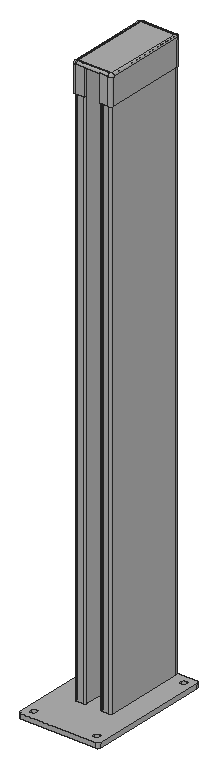
Revit family "Endestolpe bunnplate", category Balusters, Revit 2019
Family settings
  OmniClass Number = 23.30.80.11.11.14
  OmniClass Title = Posts, Newel Posts, Pickets
  Always vertical = Yes
  Cut with Voids When Loaded = No
  Shared = No
Parameters (values of type "Endestolpe bunnplate")
  built-in parameter 1008623 [instance] = (empty or 0)
  built-in parameter 1008625 [instance] = (empty or 0)
  Post = no
  Material = Stål 316
  built-in parameter 1008624 [instance] = (empty or 0)
  built-in parameter 1008622 [instance] = 750 mm
Types (2, lengths in mm): name | Material
  Endestolpe bunnplate | Stål 316
  Endestolpe bunnplate_sort | Pulverlakkert stål RAL 7021
Reference planes
  plane 1 "Center (Front/Back)": y = 0
  plane 2: z = 0
  plane 3 "Center (Left/Right)": x = 0
  plane 4 "Top": z = 750
  plane 5 "Top of Post": z = 1010
Forms (mm)
  Extrusion 1, solid, material "Stål 316" <- "Material"
    sketch origin (0, -40, 0) x (1, 0, 0) y (0, 1, 0)
      loop
        arc (-70, -105) -> (-68.536, -108.536) -> (-65, -110) r 5
        line (-65, -110) -> (65, -110)
        arc (65, -110) -> (68.536, -108.536) -> (70, -105) r 5
        line (70, -105) -> (70, 105)
        arc (70, 105) -> (68.536, 108.536) -> (65, 110) r 5
        line (65, 110) -> (28.5, 110) -> (-28.5, 110) -> (-65, 110)
        arc (-65, 110) -> (-68.536, 108.536) -> (-70, 105) r 5
        line (-70, 105) -> (-70, -105)
      loop
        circle (-55, 95) r 5
      loop
        circle (55, 95) r 5
      loop
        circle (55, -95) r 5
      loop
        circle (-55, -95) r 5
    from 0 to 8
  Extrusion 2, solid, material "Stål 316" <- "Material"
    sketch origin (0, -40, 0) x (1, 0, 0) y (0, 1, 0)
      loop
        line (-32, 106.5) -> (-32, -31.5)
        arc (-32, -31.5) -> (-30.975, -33.975) -> (-28.5, -35) r 3.5
        line (-28.5, -35) -> (-16.5, -35)
        arc (-16.5, -35) -> (-14.025, -33.975) -> (-13, -31.5) r 3.5
        line (-13, -31.5) -> (-13, 0.5)
        arc (-13, 0.5) -> (-12.561, 1.561) -> (-11.5, 2) r 1.5
        line (-11.5, 2) -> (11.5, 2)
        arc (11.5, 2) -> (12.561, 1.561) -> (13, 0.5) r 1.5
        line (13, 0.5) -> (13, -31.5)
        arc (13, -31.5) -> (14.025, -33.975) -> (16.5, -35) r 3.5
        line (16.5, -35) -> (28.5, -35)
        arc (28.5, -35) -> (30.975, -33.975) -> (32, -31.5) r 3.5
        line (32, -31.5) -> (32, 106.5)
        arc (32, 106.5) -> (30.975, 108.975) -> (28.5, 110) r 3.5
        line (28.5, 110) -> (-28.5, 110)
        arc (-28.5, 110) -> (-30.975, 108.975) -> (-32, 106.5) r 3.5
      loop
        arc (-30, -31.5) -> (-29.561, -32.561) -> (-28.5, -33) r 1.5
        line (-28.5, -33) -> (-16.5, -33)
        arc (-16.5, -33) -> (-15.439, -32.561) -> (-15, -31.5) r 1.5
        line (-15, -31.5) -> (-15, 0.5)
        arc (-15, 0.5) -> (-13.975, 2.975) -> (-11.5, 4) r 3.5
        line (-11.5, 4) -> (11.5, 4)
        arc (11.5, 4) -> (13.975, 2.975) -> (15, 0.5) r 3.5
        line (15, 0.5) -> (15, -31.5)
        arc (15, -31.5) -> (15.439, -32.561) -> (16.5, -33) r 1.5
        line (16.5, -33) -> (28.5, -33)
        arc (28.5, -33) -> (29.561, -32.561) -> (30, -31.5) r 1.5
        line (30, -31.5) -> (30, 106.5)
        arc (30, 106.5) -> (29.561, 107.561) -> (28.5, 108) r 1.5
        line (28.5, 108) -> (-28.5, 108)
        arc (-28.5, 108) -> (-29.561, 107.561) -> (-30, 106.5) r 1.5
        line (-30, 106.5) -> (-30, -31.5)
    from 8 to 1008
  Extrusion 3, solid, material "Stål 316" <- "Material"
    sketch origin (0, -2.5, 0) x (1, 0, 0) y (0, 1, 0)
      loop
        arc (-32, 69) -> (-30.975, 71.475) -> (-28.5, 72.5) r 3.5
        line (-28.5, 72.5) -> (28.5, 72.5)
        arc (28.5, 72.5) -> (30.975, 71.475) -> (32, 69) r 3.5
        line (32, 69) -> (32, -69)
        arc (32, -69) -> (30.975, -71.475) -> (28.5, -72.5) r 3.5
        line (28.5, -72.5) -> (13, -72.5) -> (13, -74.5) -> (28.5, -74.5)
        arc (28.5, -74.5) -> (32.389, -72.889) -> (34, -69) r 5.5
        line (34, -69) -> (34, 69)
        arc (34, 69) -> (32.389, 72.889) -> (28.5, 74.5) r 5.5
        line (28.5, 74.5) -> (-28.5, 74.5)
        arc (-28.5, 74.5) -> (-32.389, 72.889) -> (-34, 69) r 5.5
        line (-34, 69) -> (-34, -69)
        arc (-34, -69) -> (-32.389, -72.889) -> (-28.5, -74.5) r 5.5
        line (-28.5, -74.5) -> (-13, -74.5) -> (-13, -72.5) -> (-28.5, -72.5)
        arc (-28.5, -72.5) -> (-30.975, -71.475) -> (-32, -69) r 3.5
        line (-32, -69) -> (-32, 69)
    from 960 to 1006
  Extrusion 4, solid, material "Stål 316" <- "Material"
    sketch origin (0, -71.5, 0) x (-1, 0, 0) y (0, 0, 1)
      loop
        arc (-30, 1010) -> (-32.828, 1008.828) -> (-34, 1006) r 4
        line (-34, 1006) -> (-32, 1006)
        arc (-32, 1006) -> (-31.414, 1007.414) -> (-30, 1008) r 2
        line (-30, 1008) -> (30, 1008)
        arc (30, 1008) -> (31.414, 1007.414) -> (32, 1006) r 2
        line (32, 1006) -> (34, 1006)
        arc (34, 1006) -> (32.828, 1008.828) -> (30, 1010) r 4
        line (30, 1010) -> (-30, 1010)
    from 0 to 138
  Revolve 5, solid, material "Stål 316" <- "Material"
    sketch origin (0, -71.5, 0) x (-1, 0, 0) y (0, 0, 1)
      loop
        line (28.5, 1006) -> (34, 1006)
        arc (34, 1006) -> (32.828, 1008.828) -> (30, 1010) r 4
        line (30, 1010) -> (28.5, 1010) -> (28.5, 1006)
      axis (28.5, 1006) -> (28.5, 1010)
    angle from 0 to 90
  Revolve 6, solid, material "Stål 316" <- "Material"
    sketch origin (0, -71.5, 0) x (1, 0, 0) y (0, 0, 1)
      loop
        line (28.5, 1006) -> (34, 1006)
        arc (34, 1006) -> (32.828, 1008.828) -> (30, 1010) r 4
        line (30, 1010) -> (28.5, 1010) -> (28.5, 1006)
      axis (28.5, 1006) -> (28.5, 1010)
    angle from 0 to 90
  Revolve 7, solid, material "Stål 316" <- "Material"
    sketch origin (0, 66.5, 0) x (-1, 0, 0) y (0, 0, -1)
      loop
        line (28.5, -1006) -> (28.5, -1010) -> (30, -1010)
        arc (30, -1010) -> (32.828, -1008.828) -> (34, -1006) r 4
        line (34, -1006) -> (28.5, -1006)
      axis (28.5, -1006) -> (28.5, -1010)
    angle from 0 to 90
  Revolve 8, solid, material "Stål 316" <- "Material"
    sketch origin (0, 66.5, 0) x (1, 0, 0) y (0, 0, 1)
      loop
        line (28.5, 1006) -> (34, 1006)
        arc (34, 1006) -> (32.828, 1008.828) -> (30, 1010) r 4
        line (30, 1010) -> (28.5, 1010) -> (28.5, 1006)
      axis (28.5, 1006) -> (28.5, 1010)
    angle from 0 to 90
  Extrusion 9, solid, material "Stål 316" <- "Material"
    sketch origin (-28.5, -71.5, 1006) x (0, 0, 1) y (0, -1, 0)
      loop
        arc (4, 1.5) -> (2.828, 4.328) -> (0, 5.5) r 4
        line (0, 5.5) -> (0, 0) -> (4, 0) -> (4, 1.5)
    from 0 to 57
  Extrusion 10, solid, material "Stål 316" <- "Material"
    sketch origin (-28.5, 66.5, 1006) x (0, 0, 1) y (0, -1, 0)
      loop
        line (4, -1.5) -> (4, 0) -> (0, 0) -> (0, -5.5)
        arc (0, -5.5) -> (2.828, -4.328) -> (4, -1.5) r 4
    from 0 to 57
  Extrusion 11, solid, material "Stål 316" <- "Material", not visible
    sketch origin (0, 0, 0) x (1, 0, 0) y (0, 1, 0)
      loop
        arc (-32, 69) -> (-30.975, 71.475) -> (-28.5, 72.5) r 3.5
        line (-28.5, 72.5) -> (28.5, 72.5)
        arc (28.5, 72.5) -> (30.975, 71.475) -> (32, 69) r 3.5
        line (32, 69) -> (32, -69)
        arc (32, -69) -> (30.975, -71.475) -> (28.5, -72.5) r 3.5
        line (28.5, -72.5) -> (13, -72.5) -> (13, -74.5) -> (28.5, -74.5)
        arc (28.5, -74.5) -> (32.389, -72.889) -> (34, -69) r 5.5
        line (34, -69) -> (34, 69)
        arc (34, 69) -> (32.389, 72.889) -> (28.5, 74.5) r 5.5
        line (28.5, 74.5) -> (-28.5, 74.5)
        arc (-28.5, 74.5) -> (-32.389, 72.889) -> (-34, 69) r 5.5
        line (-34, 69) -> (-34, -69)
        arc (-34, -69) -> (-32.389, -72.889) -> (-28.5, -74.5) r 5.5
        line (-28.5, -74.5) -> (-13, -74.5) -> (-13, -72.5) -> (-28.5, -72.5)
        arc (-28.5, -72.5) -> (-30.975, -71.475) -> (-32, -69) r 3.5
        line (-32, -69) -> (-32, 69)
    from 960 to 1006
  Extrusion 12, solid, material "Stål 316" <- "Material", not visible
    sketch origin (0, -69, 0) x (-1, 0, 0) y (0, 0, 1)
      loop
        arc (-30, 1010) -> (-32.828, 1008.828) -> (-34, 1006) r 4
        line (-34, 1006) -> (-32, 1006)
        arc (-32, 1006) -> (-31.414, 1007.414) -> (-30, 1008) r 2
        line (-30, 1008) -> (30, 1008)
        arc (30, 1008) -> (31.414, 1007.414) -> (32, 1006) r 2
        line (32, 1006) -> (34, 1006)
        arc (34, 1006) -> (32.828, 1008.828) -> (30, 1010) r 4
        line (30, 1010) -> (-30, 1010)
    from 0 to 138
  Revolve 13, solid, material "Stål 316" <- "Material", not visible
    sketch origin (0, -69, 0) x (-1, 0, 0) y (0, 0, 1)
      loop
        line (28.5, 1006) -> (34, 1006)
        arc (34, 1006) -> (32.828, 1008.828) -> (30, 1010) r 4
        line (30, 1010) -> (28.5, 1010) -> (28.5, 1006)
      axis (28.5, 1006) -> (28.5, 1010)
    angle from 0 to 90
  Revolve 14, solid, material "Stål 316" <- "Material", not visible
    sketch origin (0, -69, 0) x (1, 0, 0) y (0, 0, 1)
      loop
        line (28.5, 1006) -> (34, 1006)
        arc (34, 1006) -> (32.828, 1008.828) -> (30, 1010) r 4
        line (30, 1010) -> (28.5, 1010) -> (28.5, 1006)
      axis (28.5, 1006) -> (28.5, 1010)
    angle from 0 to 90
  Revolve 15, solid, material "Stål 316" <- "Material", not visible
    sketch origin (0, 69, 0) x (-1, 0, 0) y (0, 0, -1)
      loop
        line (28.5, -1006) -> (28.5, -1010) -> (30, -1010)
        arc (30, -1010) -> (32.828, -1008.828) -> (34, -1006) r 4
        line (34, -1006) -> (28.5, -1006)
      axis (28.5, -1006) -> (28.5, -1010)
    angle from 0 to 90
  Revolve 16, solid, material "Stål 316" <- "Material", not visible
    sketch origin (0, 69, 0) x (1, 0, 0) y (0, 0, 1)
      loop
        line (28.5, 1006) -> (34, 1006)
        arc (34, 1006) -> (32.828, 1008.828) -> (30, 1010) r 4
        line (30, 1010) -> (28.5, 1010) -> (28.5, 1006)
      axis (28.5, 1006) -> (28.5, 1010)
    angle from 0 to 90
  Extrusion 17, solid, material "Stål 316" <- "Material", not visible
    sketch origin (-28.5, -69, 1006) x (0, 0, 1) y (0, -1, 0)
      loop
        arc (4, 1.5) -> (2.828, 4.328) -> (0, 5.5) r 4
        line (0, 5.5) -> (0, 0) -> (4, 0) -> (4, 1.5)
    from 0 to 57
  Extrusion 18, solid, material "Stål 316" <- "Material", not visible
    sketch origin (-28.5, 69, 1006) x (0, 0, 1) y (0, -1, 0)
      loop
        line (4, -1.5) -> (4, 0) -> (0, 0) -> (0, -5.5)
        arc (0, -5.5) -> (2.828, -4.328) -> (4, -1.5) r 4
    from 0 to 57
Lines and regions (mm)
  model lines
    curve 1: line (28.5, 66.5, 1010) -> (28.5, -71.5, 1010)
    curve 2: line (-28.5, 66.5, 1010) -> (-28.5, -71.5, 1010)
  model lines, not visible
    curve 3: line (28.5, 69, 1010) -> (28.5, -69, 1010)
    curve 4: line (-28.5, 69, 1010) -> (-28.5, -69, 1010)
Text (mm)
  text "Baluster Post Elevation" at (0, 664.106, 1146.454), in view "Left"
Dimensions and locks
  "built-in parameter 1008622": plane 2 to plane 4 "Top"
  plane 5 "Top of Post" to level = 1010 mm
  aligned and locked: plane 2 to level
  aligned and locked: Extrusion 2 to Extrusion 1
  aligned and locked: Revolve 8 to Extrusion 10
  aligned and locked: Revolve 7 to Extrusion 10
  aligned and locked: Extrusion 2 to Extrusion 4
  aligned and locked: Extrusion 9 to plane 5 "Top of Post"
Automatic sketch dimensions
  Extrusion 1 sketch curve to plane 3 "Center (Left/Right)" = 70 mm
  Extrusion 1 sketch curve to Extrusion 1 sketch curve = 5 mm  (x3)
  Extrusion 1 sketch curve to plane 3 "Center (Left/Right)" = 28.5 mm
  plane 3 "Center (Left/Right)" to Extrusion 1 sketch curve = 28.5 mm
  plane 3 "Center (Left/Right)" to Extrusion 1 sketch curve = 65 mm
  Extrusion 1 sketch curve to Extrusion 1 sketch curve = 36.5 mm
  plane 1 "Center (Front/Back)" to Extrusion 1 sketch curve = 150 mm
  Extrusion 1 sketch curve to plane 1 "Center (Front/Back)" = 65 mm
  Extrusion 2 sketch curve to plane 3 "Center (Left/Right)" = 32 mm
  Extrusion 2 sketch curve to Extrusion 2 sketch curve = 3.5 mm  (x4)
  Extrusion 2 sketch curve to Extrusion 2 sketch curve = 12 mm  (x2)
  plane 1 "Center (Front/Back)" to Extrusion 2 sketch curve = 39.5 mm  (x2)
  Extrusion 2 sketch curve to plane 3 "Center (Left/Right)" = 13 mm
  plane 1 "Center (Front/Back)" to Extrusion 2 sketch curve = 38 mm
  plane 3 "Center (Left/Right)" to Extrusion 2 sketch curve = 11.5 mm
  plane 3 "Center (Left/Right)" to Extrusion 2 sketch curve = 28.5 mm
  plane 1 "Center (Front/Back)" to Extrusion 2 sketch curve = 71.5 mm  (x2)
  Extrusion 2 sketch curve to Extrusion 2 sketch curve = 104.5 mm
  Extrusion 2 sketch curve to Extrusion 2 sketch curve = 0 mm  (x15)
  Extrusion 2 sketch curve to Extrusion 2 sketch curve = 1.5 mm
  Extrusion 3 sketch curve to Extrusion 3 sketch curve = 0 mm  (x18)
  Extrusion 3 sketch curve to Extrusion 3 sketch curve = 3.5 mm  (x3)
  Extrusion 3 sketch curve to Extrusion 3 sketch curve = 15.5 mm  (x2)
  Extrusion 3 sketch curve to Extrusion 3 sketch curve = 2 mm
  Extrusion 4 sketch curve to Extrusion 4 sketch curve = 0 mm  (x7)
  Extrusion 4 sketch curve to Extrusion 4 sketch curve = 2 mm  (x3)
  Revolve 5 sketch curve to Revolve 5 sketch curve = 1.5 mm
  Revolve 5 sketch curve to Revolve 5 sketch curve = 4 mm
  Revolve 5 sketch curve to Revolve 5 sketch curve = 0 mm  (x3)
  Revolve 6 sketch curve to Revolve 6 sketch curve = 1.5 mm
  Revolve 6 sketch curve to Revolve 6 sketch curve = 4 mm
  Revolve 6 sketch curve to Revolve 6 sketch curve = 0 mm  (x3)
  Revolve 7 sketch curve to Revolve 7 sketch curve = 1.5 mm
  Revolve 7 sketch curve to Revolve 7 sketch curve = 4 mm
  Revolve 7 sketch curve to Revolve 7 sketch curve = 0 mm  (x3)
  Revolve 8 sketch curve to Revolve 8 sketch curve = 1.5 mm
  Revolve 8 sketch curve to Revolve 8 sketch curve = 4 mm
  Revolve 8 sketch curve to Revolve 8 sketch curve = 0 mm  (x3)
  Extrusion 9 sketch curve to Revolve 5 = 0 mm
  Revolve 5 to Extrusion 10 sketch curve = 0 mm  (x2)
  Extrusion 10 sketch curve to Revolve 5 = 143.5 mm
  Extrusion 10 sketch curve to Extrusion 10 sketch curve = 1.5 mm
  Extrusion 3 sketch curve to Extrusion 3 sketch curve = 26 mm
  Extrusion 3 sketch curve to Extrusion 3 sketch curve = 138 mm
  Extrusion 4 sketch curve to Extrusion 4 sketch curve = 60 mm
  Extrusion 11 sketch curve to Extrusion 11 sketch curve = 0 mm  (x18)
  Extrusion 11 sketch curve to Extrusion 11 sketch curve = 3.5 mm  (x3)
  Extrusion 11 sketch curve to Extrusion 11 sketch curve = 15.5 mm  (x2)
  Extrusion 11 sketch curve to Extrusion 11 sketch curve = 2 mm
  Extrusion 12 sketch curve to Extrusion 12 sketch curve = 0 mm  (x7)
  Extrusion 12 sketch curve to Extrusion 12 sketch curve = 2 mm  (x3)
  Revolve 13 sketch curve to Revolve 13 sketch curve = 1.5 mm
  Revolve 13 sketch curve to Revolve 13 sketch curve = 4 mm
  Revolve 13 sketch curve to Revolve 13 sketch curve = 0 mm  (x3)
  Revolve 14 sketch curve to Revolve 14 sketch curve = 1.5 mm
  Revolve 14 sketch curve to Revolve 14 sketch curve = 4 mm
  Revolve 14 sketch curve to Revolve 14 sketch curve = 0 mm  (x3)
  Revolve 15 sketch curve to Revolve 15 sketch curve = 1.5 mm
  Revolve 15 sketch curve to Revolve 15 sketch curve = 4 mm
  Revolve 15 sketch curve to Revolve 15 sketch curve = 0 mm  (x3)
  Revolve 16 sketch curve to Revolve 16 sketch curve = 1.5 mm
  Revolve 16 sketch curve to Revolve 16 sketch curve = 4 mm
  Revolve 16 sketch curve to Revolve 16 sketch curve = 0 mm  (x3)
  Extrusion 17 sketch curve to Revolve 13 = 0 mm
  Revolve 13 to Extrusion 18 sketch curve = 0 mm  (x2)
  Extrusion 18 sketch curve to Revolve 13 = 143.5 mm
  Extrusion 18 sketch curve to Extrusion 18 sketch curve = 1.5 mm
  Extrusion 11 sketch curve to Extrusion 11 sketch curve = 26 mm
  Extrusion 11 sketch curve to Extrusion 11 sketch curve = 138 mm
  Extrusion 12 sketch curve to Extrusion 12 sketch curve = 60 mm
  radius of Extrusion 9 sketch curve to Revolve 5 = 0 mm
  radius of Extrusion 17 sketch curve to Revolve 13 = 0 mm
